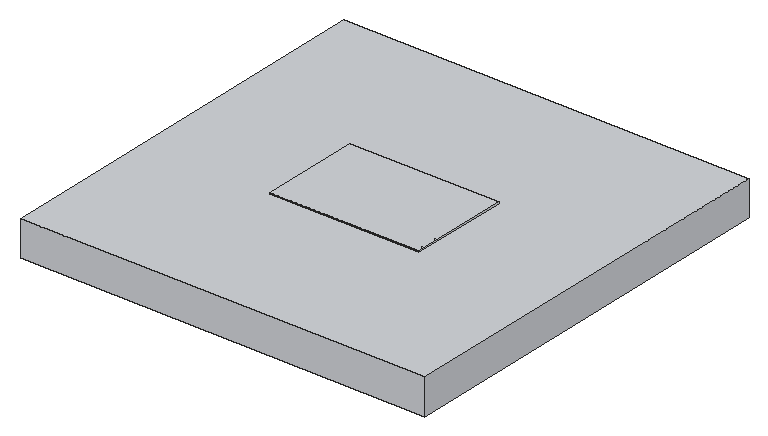
Revit family "Difusor de suprimento - Grelha retangular com Plenum - Horizontal - Hospedado", category Terminais de ar, Revit 2019
Family settings
  Hospedeiro = Face
  Cota do conector redondo = Utilizar diâmetro
  Tipo de parte = Normal
  ID de item do Seek = Exhaust Grille - Rectangular Face Square Neck - Hosted-0000-CAN-ENU
  Corte com vazios quando carregada = Não
  Compartilhado = Não
  Ponto de cálculo do ambiente = Não
Parameters (values of type "Padrão")
  Área seccional = 0.00 m²
  Queda de pressão [instance] = 1.5 Pa
  Largura do plenum = 860 mm
  Altura do plenum = 560 mm
  Profundidade do Plenum = 200 mm
  Número [instance] = Comprimento 2 / 20 mm  # 27
  Comprimento 2 [instance] = Altura da grelha - 2 * (26.987 mm)  # 546.025 mm
  Comprimento 1 [instance] = Largura da grelha - 2 * 26.987 mm  # 846.025 mm
  Meia largura da grelha [instance] = Largura da grelha / 2  # 450 mm
  Altura da grelha = Altura do plenum + 40 mm  # 600 mm
  Material da grelha = none
  Largura da grelha = Largura do plenum + 40 mm  # 900 mm
  Profundidade da grelha = 51 mm
  Altura do duto [instance] = 300 mm
  Largura do duto [instance] = 500 mm
  Meia largura do Plenum [instance] = Largura do plenum / 2  # 430 mm
  Elevação-padrão = 1200 mm
  Fluxo de ar [instance] = 127.0 L/s
Reference planes
  plane 1 "Centro (frente/trás)": y = 0
  plane 2: z = 0
  plane 3 "Centro (direita/esquerda)": x = 0
  plane 4: x = -450
  plane 5: x = 450
  plane 6: y = 300
  plane 7: y = -300
  plane 8 "1": z = 6.35
  plane 9: y = 280
  plane 10: y = -280
  plane 11: x = -430
  plane 12: x = 430
  plane 13: z = -44.45
  plane 14: x = -423.012
  plane 15: x = 423.013
  plane 16: y = 273.012
  plane 17: y = -273.013
  plane 18 "Plenum": z = -200
  plane 19: y = 253.012
Forms (mm)
  Extrusion 1, solid
    sketch origin (0, 0, 0) x (1, 0, 0) y (0, 1, 0)
      loop
        line (-1216.8, 1219.2) -> (-1216.8, -1219.2) -> (1216.8, -1219.2) -> (1216.8, 1219.2) -> (-1216.8, 1219.2)
    from 0 to -214.45
  Extrusion 2, solid, material <- "Material da grelha"
    sketch origin (0, 0, 0) x (1, 0, 0) y (0, 1, 0)
      loop
        line (-450, 300) -> (-450, -300) -> (450, -300) -> (450, 300) -> (-450, 300)
    from 0 to 6.35
  Extrusion 3, solid, material <- "Material da grelha"
    sketch origin (0, 0, 0) x (1, 0, 0) y (0, 1, 0)
      loop
        line (-430, 280) -> (-430, -280) -> (430, -280) -> (430, 280) -> (-430, 280)
    from 0 to -200
Cuts and joins
  joined: Extrusion 2, Extrusion 3
Lines and regions (mm)
  model lines
    curve 1: line (-423.013, 273.012, 6.35) -> (-423.013, -273.013, 6.35)
    curve 2: line (423.013, 273.012, 6.35) -> (423.013, -273.013, 6.35)
    curve 3: line (-423.013, -273.013, 6.35) -> (423.013, -273.013, 6.35)
Dimensions and locks
  equal spacing: plane 6, plane 1 "Centro (frente/trás)", plane 7
  "Altura da grelha": plane 6 to plane 7
  locked: plane 8 "1" to plane 2 at 6.35
  equal spacing: plane 9, plane 1 "Centro (frente/trás)", plane 10
  locked: plane 2 to plane 13 at 44.45
  locked: plane 4 to plane 14 at 26.987
  locked: plane 15 to plane 5 at 26.988
  locked: plane 6 to plane 16 at 26.988
  locked: plane 17 to plane 7 at 26.988
  "Meia largura do Plenum": plane 11 to plane 3 "Centro (direita/esquerda)"
  "Meia largura do Plenum": plane 3 "Centro (direita/esquerda)" to plane 12
  "Meia largura da grelha": plane 4 to plane 3 "Centro (direita/esquerda)"
  "Meia largura da grelha": plane 3 "Centro (direita/esquerda)" to plane 5
  "Profundidade do Plenum": plane 2 to plane 18 "Plenum"
  "Altura do plenum": plane 9 to plane 10
  locked: plane 16 to plane 19 at 20
  equal spacing: group 1, group 2, group 3, group 4, group 5, group 6, group 7, group 8, group 9, group 10, group 11, group 12, group 13, group 14, group 15, group 16, group 17, group 18, group 19, group 20, group 21, group 22, group 23, group 24, group 25, group 26, group 27  (x2)
  equal spacing: group 27, group 26, group 25, group 24, group 23, group 22, group 21, group 20, group 19, group 18, group 17, group 16, group 15, group 14, group 13, group 12, group 11, group 10, group 9, group 8, group 7, group 6, group 5, group 4, group 3, group 2, group 1
  aligned and locked: plane 2 to Extrusion 1
  aligned and locked: level to Extrusion 1
  aligned and locked: plane 4 to Extrusion 2 sketch curve
  aligned and locked: Extrusion 2 sketch curve to plane 6
  aligned and locked: plane 7 to Extrusion 2 sketch curve
  aligned and locked: Extrusion 2 sketch curve to plane 5
  aligned and locked: plane 8 "1" to Extrusion 2
  aligned and locked: Extrusion 2 to plane 2
  aligned and locked: plane 11 to Extrusion 3 sketch curve
  aligned and locked: Extrusion 3 sketch curve to plane 9
  aligned and locked: plane 10 to Extrusion 3 sketch curve
  aligned and locked: Extrusion 3 sketch curve to plane 12
  aligned and locked: plane 2 to Extrusion 3
  aligned and locked: plane 17 to curve 2
  aligned and locked: curve 2 to plane 15
  aligned and locked: plane 16 to curve 2
  aligned and locked: curve 1 to curve 3
  aligned and locked: curve 2 to curve 3
  aligned and locked: curve 3 to plane 17
  aligned and locked: Extrusion 3 to plane 18 "Plenum"
  aligned and locked: nested 1 to plane 8 "1"
  aligned and locked: plane 14 to nested 1
  aligned and locked: plane 15 to nested 1
  aligned and locked: nested 1 to plane 16
  aligned and locked: nested 2 to plane 19
  aligned and locked: plane 14 to nested 2
  aligned and locked: plane 15 to nested 2
  aligned and locked: nested 2 to plane 8 "1"
Automatic sketch dimensions
  curve 1 to plane 16 = 0 mm
  curve 3 to plane 14 = 0 mm
  Extrusion 1 sketch curve to Extrusion 1 sketch curve = 2433.6 mm
  Extrusion 1 sketch curve to Extrusion 1 sketch curve = 2438.4 mm
Nested families
  nested 1: "M_Grelha do exaustor do pescoço quadrado com face retangular - Grelha-hospedada" at (-423.012, 273.013, 6.35), type "Grelha do exaustor do pescoço quadrado com face retangular - Grelha-hospedada"
  nested 2: "M_Grelha do exaustor do pescoço quadrado com face retangular - Grelha-hospedada" at (-423.012, 253.013, 6.35), type "Grelha do exaustor do pescoço quadrado com face retangular - Grelha-hospedada"
  nested 3: "M_Grelha do exaustor do pescoço quadrado com face retangular - Grelha-hospedada" at (-423.012, 233.013, 6.35), type "Grelha do exaustor do pescoço quadrado com face retangular - Grelha-hospedada"
  nested 4: "M_Grelha do exaustor do pescoço quadrado com face retangular - Grelha-hospedada" at (-423.012, 213.013, 6.35), type "Grelha do exaustor do pescoço quadrado com face retangular - Grelha-hospedada"
  nested 5: "M_Grelha do exaustor do pescoço quadrado com face retangular - Grelha-hospedada" at (-423.012, 193.013, 6.35), type "Grelha do exaustor do pescoço quadrado com face retangular - Grelha-hospedada"
  nested 6: "M_Grelha do exaustor do pescoço quadrado com face retangular - Grelha-hospedada" at (-423.012, 173.013, 6.35), type "Grelha do exaustor do pescoço quadrado com face retangular - Grelha-hospedada"
  nested 7: "M_Grelha do exaustor do pescoço quadrado com face retangular - Grelha-hospedada" at (-423.012, 153.013, 6.35), type "Grelha do exaustor do pescoço quadrado com face retangular - Grelha-hospedada"
  nested 8: "M_Grelha do exaustor do pescoço quadrado com face retangular - Grelha-hospedada" at (-423.012, 133.013, 6.35), type "Grelha do exaustor do pescoço quadrado com face retangular - Grelha-hospedada"
  nested 9: "M_Grelha do exaustor do pescoço quadrado com face retangular - Grelha-hospedada" at (-423.012, 113.013, 6.35), type "Grelha do exaustor do pescoço quadrado com face retangular - Grelha-hospedada"
  nested 10: "M_Grelha do exaustor do pescoço quadrado com face retangular - Grelha-hospedada" at (-423.013, 93.013, 6.35), type "Grelha do exaustor do pescoço quadrado com face retangular - Grelha-hospedada"
  nested 11: "M_Grelha do exaustor do pescoço quadrado com face retangular - Grelha-hospedada" at (-423.013, 73.013, 6.35), type "Grelha do exaustor do pescoço quadrado com face retangular - Grelha-hospedada"
  nested 12: "M_Grelha do exaustor do pescoço quadrado com face retangular - Grelha-hospedada" at (-423.013, 53.013, 6.35), type "Grelha do exaustor do pescoço quadrado com face retangular - Grelha-hospedada"
  nested 13: "M_Grelha do exaustor do pescoço quadrado com face retangular - Grelha-hospedada" at (-423.013, 33.013, 6.35), type "Grelha do exaustor do pescoço quadrado com face retangular - Grelha-hospedada"
  nested 14: "M_Grelha do exaustor do pescoço quadrado com face retangular - Grelha-hospedada" at (-423.013, 13.013, 6.35), type "Grelha do exaustor do pescoço quadrado com face retangular - Grelha-hospedada"
  nested 15: "M_Grelha do exaustor do pescoço quadrado com face retangular - Grelha-hospedada" at (-423.013, -6.987, 6.35), type "Grelha do exaustor do pescoço quadrado com face retangular - Grelha-hospedada"
  nested 16: "M_Grelha do exaustor do pescoço quadrado com face retangular - Grelha-hospedada" at (-423.013, -26.987, 6.35), type "Grelha do exaustor do pescoço quadrado com face retangular - Grelha-hospedada"
  nested 17: "M_Grelha do exaustor do pescoço quadrado com face retangular - Grelha-hospedada" at (-423.013, -46.987, 6.35), type "Grelha do exaustor do pescoço quadrado com face retangular - Grelha-hospedada"
  nested 18: "M_Grelha do exaustor do pescoço quadrado com face retangular - Grelha-hospedada" at (-423.013, -66.987, 6.35), type "Grelha do exaustor do pescoço quadrado com face retangular - Grelha-hospedada"
  nested 19: "M_Grelha do exaustor do pescoço quadrado com face retangular - Grelha-hospedada" at (-423.013, -86.987, 6.35), type "Grelha do exaustor do pescoço quadrado com face retangular - Grelha-hospedada"
  nested 20: "M_Grelha do exaustor do pescoço quadrado com face retangular - Grelha-hospedada" at (-423.013, -106.987, 6.35), type "Grelha do exaustor do pescoço quadrado com face retangular - Grelha-hospedada"
  nested 21: "M_Grelha do exaustor do pescoço quadrado com face retangular - Grelha-hospedada" at (-423.013, -126.987, 6.35), type "Grelha do exaustor do pescoço quadrado com face retangular - Grelha-hospedada"
  nested 22: "M_Grelha do exaustor do pescoço quadrado com face retangular - Grelha-hospedada" at (-423.013, -146.987, 6.35), type "Grelha do exaustor do pescoço quadrado com face retangular - Grelha-hospedada"
  nested 23: "M_Grelha do exaustor do pescoço quadrado com face retangular - Grelha-hospedada" at (-423.013, -166.987, 6.35), type "Grelha do exaustor do pescoço quadrado com face retangular - Grelha-hospedada"
  nested 24: "M_Grelha do exaustor do pescoço quadrado com face retangular - Grelha-hospedada" at (-423.013, -186.987, 6.35), type "Grelha do exaustor do pescoço quadrado com face retangular - Grelha-hospedada"
  nested 25: "M_Grelha do exaustor do pescoço quadrado com face retangular - Grelha-hospedada" at (-423.013, -206.987, 6.35), type "Grelha do exaustor do pescoço quadrado com face retangular - Grelha-hospedada"
  nested 26: "M_Grelha do exaustor do pescoço quadrado com face retangular - Grelha-hospedada" at (-423.013, -226.988, 6.35), type "Grelha do exaustor do pescoço quadrado com face retangular - Grelha-hospedada"
  nested 27: "M_Grelha do exaustor do pescoço quadrado com face retangular - Grelha-hospedada" at (-423.013, -246.988, 6.35), type "Grelha do exaustor do pescoço quadrado com face retangular - Grelha-hospedada"
Connectors
  hvac at (0, 0, -200), driven by "Queda de pressão", driven by "Fluxo de ar", driven by "Altura do duto", driven by "Largura do duto"
    settings: on Extrusion 3, index 1, duct flow 127.0 L/s, flow factor 0, pres drop 1.5 Pa, loss coef 0, conn angle 0.00°, conn width 500 mm, conn height 300 mm, conn diameter 609.6 mm, duct sys type 1, conn prof type 1, flow config 1, flow direction 1, loss method 4, conn ref index -1, conn util no, is conn primary yes, conn desc "Entrada de ar"
Definition of nested family "M_Grelha do exaustor do pescoço quadrado com face retangular - Grelha-hospedada"
  Parameters
    Comprimento = 287.3 mm
    Assembly Code = ""
  Reference planes
    plane 1 "Centro (frente/trás)": y = 0
    plane 2: z = 0
    plane 3 "Centro (direita/esquerda)": x = 0
    plane 4: x = 287.3
  Lines and regions (mm)
    model lines
      curve 1: line (0, 0, 0) -> (287.3, 0, 0)
  Dimensions and locks
    "Comprimento": plane 4 to plane 3 "Centro (direita/esquerda)"
    aligned and locked: plane 3 "Centro (direita/esquerda)" to curve 1
    aligned and locked: plane 4 to curve 1
    aligned and locked: plane 1 "Centro (frente/trás)" to curve 1
Types in the file's own list only (43): name | Área seccional | Largura do plenum | Altura do plenum | Altura da grelha | Largura da grelha
  225 x 75mm | 0.01 m² | 225 mm | 75 mm | 115 mm | 265 mm
  325 x 75mm | 0.01 m² | 325 mm | 75 mm | 115 mm | 365 mm
  425 x 75mm | 0.02 m² | 425 mm | 75 mm | 115 mm | 465 mm
  525 x 75mm | 0.02 m² | 525 mm | 75 mm | 115 mm | 565 mm
  625 x 75mm | 0.02 m² | 625 mm | 75 mm | 115 mm | 665 mm
  825 x 75mm | 0.03 m² | 825 mm | 75 mm | 115 mm | 865 mm
  1025 x 75mm | 0.04 m² | 1025 mm | 75 mm | 115 mm | 1065 mm
  1225 x 75mm | 0.05 m² | 1225 mm | 75 mm | 115 mm | 1265 mm
  225 x 125mm | 0.01 m² | 225 mm | 125 mm | 165 mm | 265 mm
  325 x 125mm | 0.02 m² | 325 mm | 125 mm | 165 mm | 365 mm
  425 x 125mm | 0.03 m² | 425 mm | 125 mm | 165 mm | 465 mm
  525 x 125mm | 0.04 m² | 525 mm | 125 mm | 165 mm | 565 mm
  625 x 125mm | 0.04 m² | 625 mm | 125 mm | 165 mm | 665 mm
  825 x 125mm | 0.06 m² | 825 mm | 125 mm | 165 mm | 865 mm
  1025 x 125mm | 0.07 m² | 1025 mm | 125 mm | 165 mm | 1065 mm
  1225 x 125mm | 0.09 m² | 1225 mm | 125 mm | 165 mm | 1265 mm
  225 x 165mm | 0.02 m² | 225 mm | 165 mm | 205 mm | 265 mm
  325 x 165mm | 0.03 m² | 325 mm | 165 mm | 205 mm | 365 mm
  425 x 165mm | 0.04 m² | 425 mm | 165 mm | 205 mm | 465 mm
  525 x 165mm | 0.05 m² | 525 mm | 165 mm | 205 mm | 565 mm
  625 x 165mm | 0.06 m² | 625 mm | 165 mm | 205 mm | 665 mm
  825 x 165mm | 0.08 m² | 825 mm | 165 mm | 205 mm | 865 mm
  1025 x 165mm | 0.10 m² | 1025 mm | 165 mm | 205 mm | 1065 mm
  1225 x 165mm | 0.12 m² | 1225 mm | 165 mm | 205 mm | 1265 mm
  325 x 225mm | 0.04 m² | 325 mm | 225 mm | 265 mm | 365 mm
  425 x 225mm | 0.06 m² | 425 mm | 225 mm | 265 mm | 465 mm
  525 x 225mm | 0.07 m² | 525 mm | 225 mm | 265 mm | 565 mm
  625 x 225mm | 0.09 m² | 625 mm | 225 mm | 265 mm | 665 mm
  825 x 225mm | 0.12 m² | 825 mm | 225 mm | 265 mm | 865 mm
  1025 x 225mm | 0.15 m² | 1025 mm | 225 mm | 265 mm | 1065 mm
  1225 x 225mm | 0.18 m² | 1225 mm | 225 mm | 265 mm | 1265 mm
  425 x 325mm | 0.09 m² | 425 mm | 325 mm | 365 mm | 465 mm
  525 x 325mm | 0.11 m² | 525 mm | 325 mm | 365 mm | 565 mm
  625 x 325mm | 0.13 m² | 625 mm | 325 mm | 365 mm | 665 mm
  825 x 325mm | 0.18 m² | 825 mm | 325 mm | 365 mm | 865 mm
  1025 x 325mm | 0.22 m² | 1025 mm | 325 mm | 365 mm | 1065 mm
  1225 x 325mm | 0.27 m² | 1225 mm | 325 mm | 365 mm | 1265 mm
  625 x 425mm | 0.18 m² | 625 mm | 425 mm | 465 mm | 665 mm
  825 x 425mm | 0.24 m² | 825 mm | 425 mm | 465 mm | 865 mm
  1025 x 425mm | 0.30 m² | 1025 mm | 425 mm | 465 mm | 1065 mm
  1225 x 425mm | 0.36 m² | 1225 mm | 425 mm | 465 mm | 1265 mm
  1025 x 525mm | 0.37 m² | 1025 mm | 525 mm | 565 mm | 1065 mm
  1225 x 525mm | 0.45 m² | 1225 mm | 525 mm | 565 mm | 1265 mm
